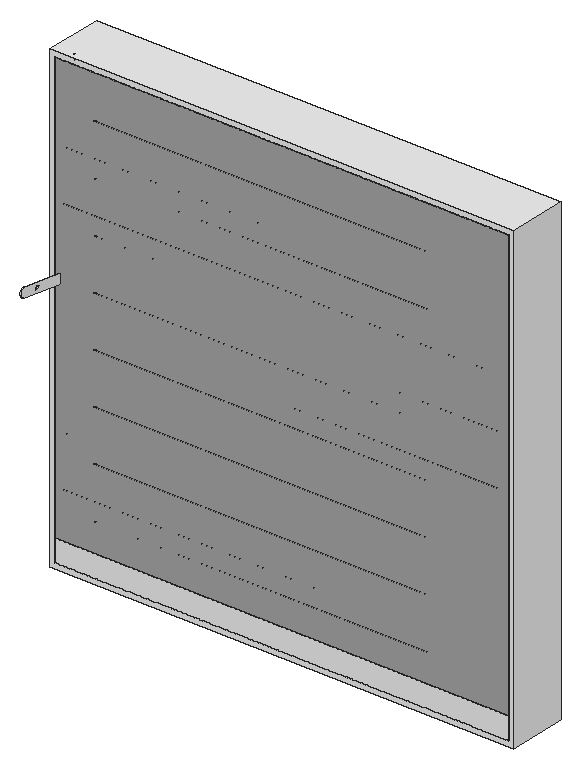
Revit family
Parameters (values of type "Louver_Combo_EXD-645_All-Lite")
  URL = "http://www.alllite-louvers.com"
  Spacing = 0.5 ft
  SmartBIM Object Version = 3  # constant formula
  SmartBIM Object Created By = "Reed Construction Data"  # constant formula
  Shim Thickness = 0.042 ft
  Screen Width = Width - (2 * Shim Thickness)  # 3.916 ft
  Screen Height = Height - (2 * Shim Thickness) - 0.198333 ft  # 3.717667 ft
  Screen = Aluminum
  Rough Width = 0.0 ft
  Rough Height = 0.0 ft
  Product URL = "http://www.alllite-louvers.com/catalog.php?model=EXD-645"
  Pressure Loss (in.wg.) = "0.19"  # constant formula
  OmniClass Title = "Exterior Louvers and Grilles"  # constant formula
  OmniClass Code = "23-60 11 17"  # constant formula
  Mullion Height = Height - (2 * Shim Thickness) - 0.145833 ft  # 3.770167 ft
  Model Number = "EXD-645"  # constant formula
  Minimum Size = "12\" x 12\""
  Maximum Size - Single Section = "48\" x 96\" with low leakage seals, 60\" x 96\"  without low leakage seals. "
  Maximum Size - Multiple Section = "Unlimited"
  Manufacturer = "All-Lite"  # constant formula
  Lover Open = yes
  Louver Width = Width - (2 * Shim Thickness) - 2 * 0.072917 ft + (0.006562 ft * 1.588)  # 3.780587 ft
  Louver = Mill finish, 6063-T5 Extruded Aluminum
  Height = 4.0 ft
  Free Area for 48”x48” Louver = "44.4%"
  Free Area Velocity (fpm) = "1,050"  # constant formula
  Free Area (ft²) for 48"x48" Louver = 7.1 ft
  Frame = Mill finish, 6063-T5 Extruded Aluminum
  Default Sill Height = 3.0 ft
  Wall Closure = (empty or 0)
  Width = 4.0 ft
  Cut Sheet = "http://www.alllite-louvers.com/catalog/AEXD645.pdf"
  Assembly Code = "B2010300"
  Air Volume Delivered (cfm) = "7,455"  # constant formula
  95 CSI = "10200 "  # constant formula
  04 CSI = "08 91 00"  # constant formula
  # of Louvers = (Height - 0.25 ft) / (Spacing)  # 8
Reference planes (ft)
  plane 1 "Center (Front/Back)": y = 0
  plane 2: z = 0.291667
  plane 3 "Center (Left/Right)": x = 0
  plane 4 "Left": x = -2
  plane 5 "Right": x = 2
  plane 6 "Sill": z = 3.291667
  plane 7 "Top": z = 7.291667
  plane 8: x = -1.958
  plane 9: x = 1.958
  plane 10: z = 7.249667
  plane 11: z = 3.333667
  plane 12: z = 5.291667
  plane 13: z = 3.417
  plane 14: z = 3.458667
  plane 15: z = 7.166333
  plane 16: z = 7.124667
  plane 17: z = 7.062167
  plane 18: z = 3.633667
Forms (ft)
  Sweep 1, solid, material "Mill finish, 6063-T5 Extruded Aluminum" <- "Frame"
    path origin (-5, 0.333333, 0) x (-1, 0, 0) y (0, 0, 1)
      loop
        line (-6.890292, 7.249667) -> (-3.109708, 7.249667)
    profile "Head Horizontal Mullion : Head Horizontal Mullion" origin (0, 0.333333, 7.249667) x (0, 0, 1) y (0, 1, 0)
      loop
        line (-0.083333, -0.00675) -> (-0.142259, -0.065676) -> (-0.137486, -0.070449) -> (-0.080537, -0.0135) -> (-0.00675, -0.0135) -> (-0.00675, -0.071625)
        arc (-0.00675, -0.071625) -> (-0.007739, -0.074011) -> (-0.010125, -0.075) r 0.003375
        line (-0.010125, -0.075) -> (-0.027583, -0.075) -> (-0.027583, -0.08175) -> (-0.307684, -0.08175) -> (-0.307684, -0.0135) -> (-0.231101, -0.0135) -> (-0.231101, -0.00675) -> (-0.314434, -0.00675) -> (-0.314434, -0.0885) -> (-0.206564, -0.0885)
        arc (-0.206564, -0.0885) -> (-0.204178, -0.089489) -> (-0.203189, -0.091875) r 0.003375
        line (-0.203189, -0.091875) -> (-0.203189, -0.104254)
        arc (-0.203189, -0.104254) -> (-0.203748, -0.106115) -> (-0.20524, -0.107359) r 0.003375
        arc (-0.20524, -0.107359) -> (-0.213421, -0.117587) -> (-0.209404, -0.130053) r 0.013833
        arc (-0.209404, -0.130053) -> (-0.205743, -0.130726) -> (-0.203689, -0.127621) r 0.003375
        arc (-0.203689, -0.127621) -> (-0.203959, -0.126299) -> (-0.204725, -0.125188) r 0.003375
        arc (-0.204725, -0.125188) -> (-0.199814, -0.113) -> (-0.194904, -0.125188) r 0.007083
        arc (-0.194904, -0.125188) -> (-0.19567, -0.126299) -> (-0.195939, -0.127621) r 0.003375
        arc (-0.195939, -0.127621) -> (-0.193886, -0.130726) -> (-0.190225, -0.130053) r 0.003375
        arc (-0.190225, -0.130053) -> (-0.186208, -0.117587) -> (-0.194388, -0.107359) r 0.013833
        arc (-0.194388, -0.107359) -> (-0.19588, -0.106115) -> (-0.196439, -0.104254) r 0.003375
        line (-0.196439, -0.104254) -> (-0.196439, -0.091875)
        arc (-0.196439, -0.091875) -> (-0.195451, -0.089489) -> (-0.193064, -0.0885) r 0.003375
        line (-0.193064, -0.0885) -> (-0.06925, -0.0885) -> (-0.06925, -0.09525) -> (-0.046442, -0.09525)
        arc (-0.046442, -0.09525) -> (-0.044055, -0.096239) -> (-0.043067, -0.098625) r 0.003375
        line (-0.043067, -0.098625) -> (-0.043067, -0.104254)
        arc (-0.043067, -0.104254) -> (-0.043626, -0.106115) -> (-0.045118, -0.107359) r 0.003375
        arc (-0.045118, -0.107359) -> (-0.053298, -0.117587) -> (-0.049281, -0.130053) r 0.013833
        arc (-0.049281, -0.130053) -> (-0.04562, -0.130726) -> (-0.043567, -0.127621) r 0.003375
        arc (-0.043567, -0.127621) -> (-0.043836, -0.126299) -> (-0.044602, -0.125188) r 0.003375
        arc (-0.044602, -0.125188) -> (-0.039692, -0.113) -> (-0.034781, -0.125188) r 0.007083
        arc (-0.034781, -0.125188) -> (-0.035547, -0.126299) -> (-0.035817, -0.127621) r 0.003375
        arc (-0.035817, -0.127621) -> (-0.033763, -0.130726) -> (-0.030102, -0.130053) r 0.003375
        arc (-0.030102, -0.130053) -> (-0.026085, -0.117587) -> (-0.034266, -0.107359) r 0.013833
        arc (-0.034266, -0.107359) -> (-0.035758, -0.106115) -> (-0.036317, -0.104254) r 0.003375
        line (-0.036317, -0.104254) -> (-0.036317, -0.098625)
        arc (-0.036317, -0.098625) -> (-0.035328, -0.096239) -> (-0.032942, -0.09525) r 0.003375
        line (-0.032942, -0.09525) -> (-0.00675, -0.09525) -> (-0.00675, -0.233215) -> (-0.0135, -0.233215) -> (-0.0135, -0.309712) -> (-0.209733, -0.309712) -> (-0.209733, -0.316548) -> (-0.00675, -0.316548) -> (-0.00675, -0.384167)
        arc (-0.00675, -0.384167) -> (-0.007739, -0.386553) -> (-0.010125, -0.387542) r 0.003375
        line (-0.010125, -0.387542) -> (-0.023858, -0.387542)
        arc (-0.023858, -0.387542) -> (-0.025719, -0.386983) -> (-0.026963, -0.385491) r 0.003375
        arc (-0.026963, -0.385491) -> (-0.037191, -0.37731) -> (-0.049657, -0.381327) r 0.013833
        arc (-0.049657, -0.381327) -> (-0.05033, -0.384988) -> (-0.047225, -0.387042) r 0.003375
        arc (-0.047225, -0.387042) -> (-0.045903, -0.386772) -> (-0.044793, -0.386006) r 0.003375
        arc (-0.044793, -0.386006) -> (-0.032604, -0.390917) -> (-0.044793, -0.395827) r 0.007083
        arc (-0.044793, -0.395827) -> (-0.045903, -0.395061) -> (-0.047225, -0.394792) r 0.003375
        arc (-0.047225, -0.394792) -> (-0.05033, -0.396845) -> (-0.049657, -0.400506) r 0.003375
        arc (-0.049657, -0.400506) -> (-0.037191, -0.404523) -> (-0.026963, -0.396343) r 0.013833
        arc (-0.026963, -0.396343) -> (-0.025719, -0.394851) -> (-0.023858, -0.394292) r 0.003375
        line (-0.023858, -0.394292) -> (-0.010125, -0.394292)
        arc (-0.010125, -0.394292) -> (-0.007739, -0.39528) -> (-0.00675, -0.397667) r 0.003375
        line (-0.00675, -0.397667) -> (-0.00675, -0.49325) -> (-0.0625, -0.49325) -> (-0.0625, -0.5) -> (0, -0.5) -> (0, -0.00675) -> (-0.083333, -0.00675)
  Sweep 2, solid, material "Mill finish, 6063-T5 Extruded Aluminum" <- "Frame"
    path origin (-5, 0.333333, 0) x (-1, 0, 0) y (0, 0, 1)
      loop
        line (-6.958, 3.333667) -> (-3.042, 3.333667)
    profile "Horizontal Mullion : Horizontal Mullion" origin (0, 0.333333, 3.333667) x (0, 0, 1) y (0, 1, 0)
      loop
        line (0.076583, -0.00675) -> (0.076583, -0.5) -> (0.00675, -0.5) -> (0.00675, -0.465083) -> (0, -0.465083) -> (0, -0.50675) -> (0.197917, -0.50675) -> (0.197917, -0.5) -> (0.083333, -0.5) -> (0.083333, 0) -> (0, 0) -> (0, -0.041667) -> (0.00675, -0.041667) -> (0.00675, -0.00675) -> (0.076583, -0.00675)
  Sweep 3, solid, material "Mill finish, 6063-T5 Extruded Aluminum" <- "Frame"
    path origin (-5, 0.333333, 0) x (-1, 0, 0) y (0, 0, 1)
      loop
        line (-6.958, 3.417) -> (-6.958, 7.249667)
    profile "Vertical Mullion : Vertical Mullion" origin (1.958, 0.333333, 5.333333) x (1, 0, 0) y (0, 1, 0)
      loop
        line (-0.067708, -0.08175) -> (-0.067708, -0.49325) -> (-0.052083, -0.49325) -> (-0.052083, -0.5) -> (0, -0.5) -> (0, -0.472417) -> (-0.00675, -0.472417) -> (-0.00675, -0.49325) -> (-0.045333, -0.49325) -> (-0.045333, -0.4865) -> (-0.060958, -0.4865) -> (-0.060958, -0.0885) -> (0, -0.0885) -> (0, 0) -> (-0.083333, 0) -> (-0.083333, -0.00675) -> (-0.067708, -0.00675) -> (-0.067708, -0.022375) -> (-0.060958, -0.022375) -> (-0.060958, -0.00675) -> (-0.00675, -0.00675) -> (-0.00675, -0.08175) -> (-0.067708, -0.08175)
  Sweep 4, solid, material "Mill finish, 6063-T5 Extruded Aluminum" <- "Frame"
    path origin (5, 0.333333, 0) x (1, 0, 0) y (0, 0, -1)
      loop
        line (-6.958, -3.417) -> (-6.958, -7.249667)
    profile "Vertical Mullion : Vertical Mullion" origin (-1.958, 0.333333, 5.333333) x (1, 0, 0) y (0, 1, 0)
      loop
        line (0.067708, -0.08175) -> (0.00675, -0.08175) -> (0.00675, -0.00675) -> (0.060958, -0.00675) -> (0.060958, -0.022375) -> (0.067708, -0.022375) -> (0.067708, -0.00675) -> (0.083333, -0.00675) -> (0.083333, 0) -> (0, 0) -> (0, -0.0885) -> (0.060958, -0.0885) -> (0.060958, -0.4865) -> (0.045333, -0.4865) -> (0.045333, -0.49325) -> (0.00675, -0.49325) -> (0.00675, -0.472417) -> (0, -0.472417) -> (0, -0.5) -> (0.052083, -0.5) -> (0.052083, -0.49325) -> (0.067708, -0.49325) -> (0.067708, -0.08175)
  Sweep 5, solid, material "Mill finish, 6063-T5 Extruded Aluminum" <- "Frame"
    path origin (-5, 0.333333, 0) x (-1, 0, 0) y (0, 0, 1)
      loop
        line (-3, 7.291667) -> (-7, 7.291667) -> (-7, 3.291667) -> (-3, 3.291667) -> (-3, 7.291667)
    profile origin (-2, 0.333333, 5.291667) x (0, 1, 0) y (-1, 0, 0)
      loop
        line (0, 0) -> (-0.50675, 0) -> (-0.50675, -0.042) -> (0, -0.042) -> (0, 0)
  Extrusion 6, solid, material "Aluminum" <- "Screen"
    sketch origin (1.458333, 0, 3.416667) x (0, 0, 1) y (-1, 0, 0)
      loop
        line (0.114917, -0.499667) -> (3.833, -0.499667) -> (3.833, 3.416333) -> (0.114917, 3.416333) -> (0.114917, -0.499667)
    from 0.166667 to 0.173417
  Extrusion 7, solid, material "Mill finish, 6063-T5 Extruded Aluminum" <- "Louver"
    sketch origin (-15, 0.439815, 3.633667) x (0, 1, 0) y (-1, 0, 0)
      loop
        line (-0.290944, -13.092454) -> (-0.290944, -13.082037) -> (-0.359482, -13.082037) -> (-0.359482, -13.092454) -> (-0.290944, -13.092454)
    from 0 to 3.4285
  Extrusion 8, solid, material "Mill finish, 6063-T5 Extruded Aluminum" <- "Louver"
    sketch origin (-1.958, 1.285797, 4) x (0, 1, 0) y (0, 0, 1)
      loop
        line (-1.164599, 1.537781) -> (-1.823058, 1.64207)
        arc (-1.823058, 1.64207) -> (-1.869483, 1.608341) -> (-1.835753, 1.561916) r 0.040577
        line (-1.835753, 1.561916) -> (-1.185923, 1.458993)
        arc (-1.185923, 1.458993) -> (-1.131399, 1.486515) -> (-1.164599, 1.537781) r 0.041047
      loop
        circle (-1.704575, 1.583254) r 0.020833
    from 0.029621 to 0.040037
Cuts and joins
  joined: Sweep 3, Sweep 4
Lines and regions (ft)
  Opening 1
    outline origin (-5, -0.333333, 0) x (1, 0, 0) y (0, 0, 1)
      loop
        line (3, 7.291667) -> (3, 3.291667) -> (7, 3.291667) -> (7, 7.291667) -> (3, 7.291667)
  Masking region 1, detail levels coarse+medium
    outline origin (0, 0, 0) x (1, 0, 0) y (0, 1, 0)
      loop
        line (-2, -0.173417) -> (-1.890292, -0.173417) -> (-1.890292, 0.333333) -> (-2, 0.333333) -> (-2, -0.173417)
      loop
        line (2, 0.333333) -> (1.890292, 0.333333) -> (1.890292, -0.173417) -> (2, -0.173417) -> (2, 0.333333)
  Masking region 2, detail levels fine
    outline origin (0, 0, 0) x (1, 0, 0) y (0, 1, 0)
      loop
        line (-1.95125, -0.139083) -> (-1.958, -0.139083) -> (-1.958, -0.166667) -> (-1.905917, -0.166667) -> (-1.905917, -0.159917) -> (-1.890292, -0.159917) -> (-1.890292, 0.251583) -> (-1.95125, 0.251583) -> (-1.95125, 0.326583) -> (-1.897042, 0.326583) -> (-1.897042, 0.310958) -> (-1.890292, 0.310958) -> (-1.890292, 0.326583) -> (-1.874667, 0.326583) -> (-1.874667, 0.333333) -> (-1.958, 0.333333) -> (-1.958, 0.244833) -> (-1.897042, 0.244833) -> (-1.897042, -0.153167) -> (-1.912667, -0.153167) -> (-1.912667, -0.159917) -> (-1.95125, -0.159917) -> (-1.95125, -0.139083)
      loop
        line (1.874667, 0.326583) -> (1.890292, 0.326583) -> (1.890292, 0.310958) -> (1.897042, 0.310958) -> (1.897042, 0.326583) -> (1.95125, 0.326583) -> (1.95125, 0.251583) -> (1.890292, 0.251583) -> (1.890292, -0.159917) -> (1.905917, -0.159917) -> (1.905917, -0.166667) -> (1.958, -0.166667) -> (1.958, -0.139083) -> (1.95125, -0.139083) -> (1.95125, -0.159917) -> (1.912667, -0.159917) -> (1.912667, -0.153167) -> (1.897042, -0.153167) -> (1.897042, 0.244833) -> (1.958, 0.244833) -> (1.958, 0.333333) -> (1.874667, 0.333333) -> (1.874667, 0.326583)
Text (ft)
  text "EXTERIOR" at (-4.890733, 4.242245, 0), in view "Ref. Level"
  text "INTERIOR" at (-4.890733, -3.147199, 0), in view "Ref. Level"
  text "Exterior" at (0, 3.638026, 10.266337), in view "Left"
  text "Exterior" at (0, 1.524487, 10.420622), in view "Right"
Dimensions and locks (ft)
  equal spacing: plane 4 "Left", plane 3 "Center (Left/Right)", plane 5 "Right"
  "Width": plane 4 "Left" to plane 5 "Right"
  "Height": plane 6 "Sill" to plane 7 "Top"
  "Default Sill Height": plane 2 to plane 6 "Sill"
  "Shim Thickness": plane 4 "Left" to plane 8
  "Shim Thickness": plane 9 to plane 5 "Right"
  "Shim Thickness": plane 10 to plane 7 "Top"
  "Shim Thickness": plane 6 "Sill" to plane 11
  equal spacing: plane 11, plane 12, plane 10
  locked: plane 13 to plane 11 at 0.083333
  locked: plane 14 to plane 13 at 0.041667
  locked: plane 10 to plane 15 at 0.083333
  locked: plane 15 to plane 16 at 0.041667
  locked: plane 10 to plane 17 at 0.1875
  equal spacing: group 1, group 3, group 4, group 5, group 6, group 7, group 8, group 2  (x3)
  locked: plane 18 to plane 13 at 0.216667
  Sweep 5 to Extrusion 8 sketch curve to Extrusion 8 sketch curve = 0.17751 ft locked, 0.740009 ft locked
  locked: Sweep 5 to Extrusion 8 sketch curve at 0.772945
  aligned and locked: plane 7 "Top" to Opening 1 sketch curve
  aligned and locked: plane 6 "Sill" to Opening 1 sketch curve  (x2)
  aligned and locked: plane 5 "Right" to Opening 1 sketch curve
  aligned and locked: plane 4 "Left" to Opening 1 sketch curve
  aligned and locked: plane 10 to Sweep 1 sketch curve
  aligned and locked: Sweep 2 sketch curve to plane 11
  aligned and locked: plane 8 to Sweep 2 sketch curve
  aligned and locked: plane 9 to Sweep 3 sketch curve
  aligned and locked: Sweep 4 sketch curve to plane 8
  aligned and locked: Sweep 5 sketch curve to plane 4 "Left"
  aligned and locked: Sweep 5 sketch curve to plane 7 "Top"
  aligned and locked: Sweep 5 sketch curve to plane 6 "Sill"
  aligned and locked: Sweep 5 sketch curve to plane 5 "Right"
  aligned and locked: Sweep 5 sketch curve to host wall  (x2)
  aligned and locked: plane 8 to Sweep 5 sketch curve
  aligned and locked: plane 3 "Center (Left/Right)" to nested 1
  aligned and locked: plane 10 to Sweep 4 sketch curve
  aligned and locked: profile plane to host wall
  aligned and locked: Sweep 4 sketch curve to Sweep 2
  aligned and locked: Sweep 5 sketch curve to Sweep 2
  aligned and locked: plane 3 "Center (Left/Right)" to nested 2
  aligned and locked: Sweep 2 to Extrusion 6 sketch curve
  aligned and locked: Extrusion 6 sketch curve to Sweep 1
  aligned and locked: Extrusion 6 to Sweep 2
  aligned and locked: Sweep 5 to Extrusion 6
  aligned and locked: plane 14 to nested 1
  aligned and locked: cut or joined group of Sweep 3, Sweep 4 to Sweep 1 sketch curve
  aligned and locked: Sweep 1 sketch curve to cut or joined group of Sweep 3, Sweep 4
  aligned and locked: cut or joined group of Sweep 3, Sweep 4 to Extrusion 6 sketch curve
  aligned and locked: Extrusion 6 sketch curve to cut or joined group of Sweep 3, Sweep 4
  aligned and locked: nested 1 to cut or joined group of Sweep 3, Sweep 4
  aligned and locked: nested 2 to cut or joined group of Sweep 3, Sweep 4
  aligned and locked: nested 3 to Extrusion 7 sketch curve  (x4)
  aligned and locked: Extrusion 7 to plane 18
  aligned and locked: plane 17 to nested 2
  aligned and locked: plane 17 to Extrusion 7
  aligned and locked: Extrusion 8 to nested 2  (x2)
  aligned and locked: Masking region 1 sketch curve to plane 4 "Left"
  aligned and locked: Sweep 5 to Masking region 1 sketch curve
  aligned and locked: Masking region 1 sketch curve to Sweep 5  (x2)
  aligned and locked: Masking region 1 sketch curve to cut or joined group of Sweep 3, Sweep 4  (x2)
  aligned and locked: Masking region 1 sketch curve to plane 5 "Right"
  aligned and locked: Masking region 2 sketch curve to cut or joined group of Sweep 3, Sweep 4  (x34)
  aligned and locked: Sweep 2 to Masking region 2 sketch curve  (x4)
  aligned and locked: Masking region 2 sketch curve to plane 8
  aligned and locked: Masking region 2 sketch curve to Sweep 2  (x3)
  aligned and locked: Sweep 5 to Masking region 2 sketch curve
  aligned and locked: plane 9 to Masking region 2 sketch curve
Automatic sketch dimensions
  Sweep 2 sketch curve to plane 9 = 0.0 ft
  Sweep 3 sketch curve to plane 13 = 0.0 ft
  Sweep 3 sketch curve to plane 10 = 0.0 ft
  Extrusion 8 sketch curve to Extrusion 8 sketch curve = 0.006348 ft  (x2)
  Extrusion 8 sketch curve to Extrusion 8 sketch curve = 0.014903 ft
  Extrusion 8 sketch curve to Extrusion 8 sketch curve = 0.006421 ft
  plane 12 to Extrusion 8 sketch curve = 0.167326 ft
  Extrusion 8 sketch curve to Extrusion 8 sketch curve = 0.038246 ft
  plane 12 to Extrusion 8 sketch curve = 0.270249 ft
  Extrusion 8 sketch curve to Extrusion 8 sketch curve = 0.021338 ft
  Extrusion 8 sketch curve to Extrusion 8 sketch curve = 0.040077 ft
  Masking region 1 sketch curve to host wall = 0.50675 ft
  Masking region 2 sketch curve to Masking region 2 sketch curve = 0.00675 ft
  Masking region 2 sketch curve to plane 9 = 0.0 ft
  radius of Extrusion 8 sketch curve = 0.020833 ft
Nested families (ft)
  nested 1: "Louver Single" at (0, 0.166271, 3.458667), type "Louver"
    with Louver Length 3.780587 ft
  nested 2: "Louver Single" at (0, 0.166271, 6.552444), type "Louver"
    with Louver Length 3.780587 ft
  nested 3: "Louver Single" at (0, 0.166271, 3.900635), type "Louver"
    with Louver Length 3.780587 ft
  nested 4: "Louver Single" at (0, 0.166271, 4.342603), type "Louver"
    with Louver Length 3.780587 ft
  nested 5: "Louver Single" at (0, 0.166271, 4.784571), type "Louver"
    with Louver Length 3.780587 ft
  nested 6: "Louver Single" at (0, 0.166271, 5.226539), type "Louver"
    with Louver Length 3.780587 ft
  nested 7: "Louver Single" at (0, 0.166271, 5.668508), type "Louver"
    with Louver Length 3.780587 ft
  nested 8: "Louver Single" at (0, 0.166271, 6.110476), type "Louver"
    with Louver Length 3.780587 ft
Connectors (ft)
  hvac at (0, -0.173417, 5.390625), driven by "Screen Height", driven by "Screen Width"
    settings: on Extrusion 6, index 1
Definition of nested family "Louver Single"
  Parameters (values of type "Louver")
    Open = yes
    Louver Length = 4.78125 ft
    Louver = none
    Close = not(Open)  # no
    Assembly Code = ""
  Reference planes (ft)
    plane 1 "Center (Front/Back)": y = -0.085938
    plane 2: z = 0
    plane 3 "Center (Left/Right)": x = 0
    plane 4: x = -2.390625
    plane 5: x = 2.390625
    plane 6: y = 0.160312
    plane 7: y = -0.326196
    plane 8: z = 0.509723
    plane 9: x = -2.397461
    plane 10: x = -2.407878
    plane 11: y = -0.059066
    plane 12: y = -0.017399
    plane 13: y = -0.100733
    plane 14: x = -2.418294
    plane 15: x = -2.428711
    plane 16: x = -2.439128
  Forms (ft)
    Extrusion 1, solid, material <- "Louver", visible <- "Open"
      sketch origin (0, 0, 0) x (0, 1, 0) y (0, 0, 1)
        loop
          line (-0.000363, 0.140917) -> (-0.319446, 0.46) -> (-0.319446, 0.506348)
          arc (-0.319446, 0.506348) -> (-0.322821, 0.509723) -> (-0.326196, 0.506348) r 0.003375
          line (-0.326196, 0.506348) -> (-0.326196, 0.457204) -> (-0.180455, 0.311463)
          arc (-0.180455, 0.311463) -> (-0.178134, 0.300265) -> (-0.187487, 0.293686) r 0.010417
          line (-0.187487, 0.293686) -> (-0.194911, 0.26598) -> (-0.190656, 0.261725)
          arc (-0.190656, 0.261725) -> (-0.185311, 0.262489) -> (-0.187541, 0.267407) r 0.003375
          line (-0.187541, 0.267407) -> (-0.182058, 0.287869) -> (-0.162186, 0.293194) -> (-0.147639, 0.278646) -> (-0.152963, 0.258775) -> (-0.173425, 0.253292)
          arc (-0.173425, 0.253292) -> (-0.178343, 0.255521) -> (-0.179107, 0.250176) r 0.003375
          line (-0.179107, 0.250176) -> (-0.174853, 0.245921) -> (-0.147147, 0.253345)
          arc (-0.147147, 0.253345) -> (-0.140567, 0.262698) -> (-0.12937, 0.260377) r 0.010417
          line (-0.12937, 0.260377) -> (-0.007113, 0.138121) -> (-0.007113, 0.076148)
          arc (-0.007113, 0.076148) -> (-0.003738, 0.072773) -> (-0.000363, 0.076148) r 0.003375
          line (-0.000363, 0.076148) -> (-0.000363, 0.140917)
      from -2.390625 to 2.390625
    Extrusion 2, solid, material <- "Louver"
      sketch origin (-2.397461, -15, -0.887328) x (0, 0, -1) y (0, 1, 0)
        loop
          line (-1.228371, 14.931727) -> (-1.201075, 14.822397)
          arc (-1.201075, 14.822397) -> (-1.153766, 14.791395) -> (-1.119141, 14.836121) r 0.041667
          line (-1.119141, 14.836121) -> (-1.128957, 14.948313)
          arc (-1.128957, 14.948313) -> (-1.136949, 14.962964) -> (-1.15313, 14.967048) r 0.020833
          line (-1.15313, 14.967048) -> (-1.211577, 14.957324)
          arc (-1.211577, 14.957324) -> (-1.225577, 14.948202) -> (-1.228371, 14.931727) r 0.020833
        loop
          circle (-1.160649, 14.832489) r 0.031042
        loop
          circle (-1.208109, 14.936724) r 0.010417
      from 0 to -0.010417
    Blend 3, solid, material <- "Louver"
      base sketch origin (-2.418294, -15, -0.887328) x (0, 0, -1) y (0, 1, 0)
        loop
          line (-1.191691, 14.814568) -> (-1.160649, 14.796646) -> (-1.129608, 14.814568) -> (-1.129608, 14.850411) -> (-1.160649, 14.868333) -> (-1.191691, 14.850411) -> (-1.191691, 14.814568)
      top sketch origin (-2.418294, -15, -0.887328) x (0, 0, -1) y (0, 1, 0)
        loop
          line (-1.181274, 14.820582) -> (-1.160649, 14.808674) -> (-1.140024, 14.820582) -> (-1.140024, 14.844397) -> (-1.160649, 14.856305) -> (-1.181274, 14.844397) -> (-1.181274, 14.820582)
      from 0 to -0.010417
    Blend 4, solid, material <- "Louver"
      base sketch origin (-2.428711, -15, -0.887328) x (0, 0, -1) y (0, 1, 0)
        loop
          line (-1.168578, 14.950342) -> (-1.168578, 14.931526) -> (-1.152282, 14.922117) -> (-1.135986, 14.931526) -> (-1.135986, 14.950342) -> (-1.152282, 14.959751) -> (-1.168578, 14.950342)
      top sketch origin (-2.428711, -15, -0.887328) x (0, 0, -1) y (0, 1, 0)
        loop
          line (-1.163369, 14.947335) -> (-1.163369, 14.934533) -> (-1.152282, 14.928131) -> (-1.141195, 14.934533) -> (-1.141195, 14.947335) -> (-1.152282, 14.953736) -> (-1.163369, 14.947335)
      from 0 to -0.010417
    Extrusion 5, solid, material <- "Louver"
      sketch origin (-2.407878, -15, -0.887328) x (0, 0, -1) y (0, 1, 0)
        loop
          line (-1.191691, 14.850411) -> (-1.191691, 14.814568) -> (-1.160649, 14.796646) -> (-1.129608, 14.814568) -> (-1.129608, 14.850411) -> (-1.160649, 14.868333) -> (-1.191691, 14.850411)
      from 0 to -0.010417
    Extrusion 6, solid, material <- "Louver"
      sketch origin (0, 0, 0) x (0, 1, 0) y (0, 0, 1)
        loop
          arc (0.149453, 0.001395) -> (0.156548, 0.000696) -> (0.160312, 0.00675) r 0.00675
          line (0.160312, 0.00675) -> (0.160312, 0.063458)
          arc (0.160312, 0.063458) -> (0.151925, 0.067668) -> (0.153562, 0.058427) r 0.00525
          line (0.153562, 0.058427) -> (0.153562, 0.010806)
          arc (0.153562, 0.010806) -> (0.152447, 0.009012) -> (0.150345, 0.009219) r 0.002
          line (0.150345, 0.009219) -> (0.088733, 0.056496)
          arc (0.088733, 0.056496) -> (0.087748, 0.057695) -> (0.087396, 0.059206) r 0.003417
          line (0.087396, 0.059206) -> (0.087396, 0.076588)
          arc (0.087396, 0.076588) -> (0.087046, 0.078075) -> (0.086069, 0.07925) r 0.003333
          line (0.086069, 0.07925) -> (0.004822, 0.140474)
          arc (0.004822, 0.140474) -> (0.003425, 0.140602) -> (0.002686, 0.139409) r 0.001333
          line (0.002686, 0.139409) -> (0.002686, 0.091917)
          arc (0.002686, 0.091917) -> (0.006061, 0.088542) -> (0.009436, 0.091917) r 0.003375
          line (0.009436, 0.091917) -> (0.009436, 0.097574)
          arc (0.009436, 0.097574) -> (0.010484, 0.100018) -> (0.012978, 0.100944) r 0.003375
          arc (0.012978, 0.100944) -> (0.01646, 0.103685) -> (0.014226, 0.107512) r 0.003375
          arc (0.014226, 0.107512) -> (0.01294, 0.120348) -> (0.023449, 0.112866) r 0.007083
          arc (0.023449, 0.112866) -> (0.025215, 0.10922) -> (0.029209, 0.109897) r 0.003375
          arc (0.029209, 0.109897) -> (0.031378, 0.110937) -> (0.033689, 0.110269) r 0.003375
          line (0.033689, 0.110269) -> (0.042487, 0.103639)
          arc (0.042487, 0.103639) -> (0.04383, 0.101043) -> (0.042642, 0.098372) r 0.003375
          arc (0.042642, 0.098372) -> (0.038847, 0.093186) -> (0.037805, 0.086844) r 0.013833
          arc (0.037805, 0.086844) -> (0.041412, 0.083719) -> (0.044538, 0.087327) r 0.003375
          arc (0.044538, 0.087327) -> (0.055873, 0.093485) -> (0.053046, 0.080899) r 0.007083
          arc (0.053046, 0.080899) -> (0.050429, 0.076907) -> (0.054421, 0.07429) r 0.003375
          arc (0.054421, 0.07429) -> (0.06025, 0.077036) -> (0.064203, 0.082125) r 0.013833
          arc (0.064203, 0.082125) -> (0.066443, 0.084002) -> (0.069309, 0.083428) r 0.003375
          line (0.069309, 0.083428) -> (0.079302, 0.075897)
          arc (0.079302, 0.075897) -> (0.080291, 0.074708) -> (0.080646, 0.073202) r 0.003375
          line (0.080646, 0.073202) -> (0.080646, 0.059206)
          arc (0.080646, 0.059206) -> (0.081694, 0.05471) -> (0.084623, 0.051141) r 0.010167
          line (0.084623, 0.051141) -> (0.149453, 0.001395)
      from -2.390625 to 2.390625
    Extrusion 7, solid, material <- "Louver", visible <- "Close"
      sketch origin (0, -0.190063, -0.045671) x (0, 0.809017, -0.587785) y (0, 0.587785, 0.809017)
        loop
          line (-0.000363, 0.140917) -> (-0.319446, 0.46) -> (-0.319446, 0.506348)
          arc (-0.319446, 0.506348) -> (-0.322821, 0.509723) -> (-0.326196, 0.506348) r 0.003375
          line (-0.326196, 0.506348) -> (-0.326196, 0.457204) -> (-0.180455, 0.311463)
          arc (-0.180455, 0.311463) -> (-0.178134, 0.300265) -> (-0.187487, 0.293686) r 0.010417
          line (-0.187487, 0.293686) -> (-0.194911, 0.26598) -> (-0.190656, 0.261725)
          arc (-0.190656, 0.261725) -> (-0.185311, 0.262489) -> (-0.187541, 0.267407) r 0.003375
          line (-0.187541, 0.267407) -> (-0.182058, 0.287869) -> (-0.162186, 0.293194) -> (-0.147639, 0.278646) -> (-0.152963, 0.258775) -> (-0.173425, 0.253292)
          arc (-0.173425, 0.253292) -> (-0.178343, 0.255521) -> (-0.179107, 0.250176) r 0.003375
          line (-0.179107, 0.250176) -> (-0.174853, 0.245921) -> (-0.147147, 0.253345)
          arc (-0.147147, 0.253345) -> (-0.140567, 0.262698) -> (-0.12937, 0.260377) r 0.010417
          line (-0.12937, 0.260377) -> (-0.007113, 0.138121) -> (-0.007113, 0.076148)
          arc (-0.007113, 0.076148) -> (-0.003738, 0.072773) -> (-0.000363, 0.076148) r 0.003375
          line (-0.000363, 0.076148) -> (-0.000363, 0.140917)
      from -2.390627 to 2.390627
  Dimensions and locks (ft)
    equal spacing: plane 4, plane 3 "Center (Left/Right)", plane 5
    "Louver Length": plane 4 to plane 5
    locked: plane 9 to plane 4 at 0.006836
    locked: plane 10 to plane 9 at 0.010417
    plane 15 to plane 14 to plane 9 = 0.010417 ft locked, 0.020833 ft locked
    locked: plane 16 to plane 15 at 0.010417
    aligned and locked: plane 5 to Extrusion 1
    aligned and locked: Extrusion 1 to plane 4
    aligned and locked: plane 9 to Extrusion 2
    aligned and locked: Extrusion 2 to plane 10
    aligned and locked: plane 10 to Extrusion 5
    aligned and locked: Extrusion 5 to plane 14
    aligned and locked: plane 14 to Blend 3
    aligned and locked: Blend 3 to plane 15
    aligned and locked: plane 5 to Extrusion 6
    aligned and locked: Extrusion 6 to plane 4
    aligned and locked: Blend 4 to plane 16
    aligned and locked: Blend 3 to Blend 4
  Automatic sketch dimensions
    Extrusion 1 sketch curve to plane 7 = 0.0 ft
    Extrusion 1 sketch curve to Extrusion 1 sketch curve = 0.003375 ft  (x2)
    plane 13 to Extrusion 1 sketch curve = 0.094178 ft
    Extrusion 1 sketch curve to Extrusion 1 sketch curve = 0.004255 ft  (x4)
    Extrusion 1 sketch curve to Extrusion 1 sketch curve = 0.002386 ft  (x4)
    Extrusion 1 sketch curve to Extrusion 1 sketch curve = 0.00709 ft
    Extrusion 1 sketch curve to Extrusion 1 sketch curve = 0.000729 ft
    Extrusion 1 sketch curve to Extrusion 1 sketch curve = 0.000333 ft  (x2)
    Extrusion 1 sketch curve to Extrusion 1 sketch curve = 0.00543 ft  (x2)
    Extrusion 1 sketch curve to Extrusion 1 sketch curve = 0.007366 ft  (x2)
    Extrusion 1 sketch curve to Extrusion 1 sketch curve = 0.011549 ft  (x2)
    Extrusion 1 sketch curve to Extrusion 1 sketch curve = 0.003295 ft
    Extrusion 1 sketch curve to Extrusion 1 sketch curve = 0.019872 ft  (x2)
    Extrusion 1 sketch curve to Extrusion 1 sketch curve = 0.020462 ft  (x2)
    Extrusion 1 sketch curve to Extrusion 1 sketch curve = 0.014547 ft  (x2)
    Extrusion 1 sketch curve to Extrusion 1 sketch curve = 0.005817 ft  (x2)
    Extrusion 1 sketch curve to Extrusion 1 sketch curve = 0.010411 ft  (x2)
    plane 12 to Extrusion 1 sketch curve = 0.010286 ft
    level to Extrusion 1 sketch curve = 0.076148 ft
    Extrusion 1 sketch curve to Extrusion 1 sketch curve = 0.061973 ft
    Extrusion 1 sketch curve to Extrusion 1 sketch curve = 0.002796 ft  (x2)
    Extrusion 1 sketch curve to Extrusion 1 sketch curve = 0.1078 ft
    Extrusion 1 sketch curve to Extrusion 1 sketch curve = 0.00028 ft
    Extrusion 1 sketch curve to plane 8 = 0.052519 ft
    Extrusion 1 sketch curve to plane 8 = 0.003375 ft
    Extrusion 2 sketch curve to Extrusion 2 sketch curve = 0.0 ft  (x2)
    plane 11 to Extrusion 2 sketch curve = 0.009207 ft
    plane 8 to Extrusion 2 sketch curve = 0.16868 ft
    Extrusion 2 sketch curve to plane 11 = 0.01639 ft
    Extrusion 2 sketch curve to Extrusion 2 sketch curve = 0.016794 ft
    plane 11 to Extrusion 2 sketch curve = 0.004161 ft
    Extrusion 2 sketch curve to Extrusion 2 sketch curve = 0.000048 ft
    Extrusion 2 sketch curve to Extrusion 2 sketch curve = 0.027295 ft
    Extrusion 2 sketch curve to Extrusion 2 sketch curve = 0.040426 ft
    plane 12 to Extrusion 2 sketch curve = 0.015553 ft
    Extrusion 2 sketch curve to Extrusion 2 sketch curve = 0.058447 ft
    Extrusion 2 sketch curve to plane 11 = 0.005563 ft
    Extrusion 2 sketch curve to Extrusion 2 sketch curve = 0.003419 ft
    Extrusion 2 sketch curve to plane 11 = 0.007379 ft
    Extrusion 2 sketch curve to Extrusion 2 sketch curve = 0.041508 ft
    Extrusion 2 sketch curve to Extrusion 2 sketch curve = 0.000049 ft
    Extrusion 2 sketch curve to plane 13 = 0.063146 ft
    Extrusion 2 sketch curve to Extrusion 2 sketch curve = 0.003631 ft
    Blend 3 sketch curve to plane 13 = 0.0847 ft  (x2)
    plane 8 to Blend 3 sketch curve = 0.205359 ft
    Blend 3 sketch curve to plane 13 = 0.102622 ft
    Blend 3 sketch curve to Blend 3 sketch curve = 0.031042 ft  (x3)
    Blend 3 sketch curve to plane 13 = 0.030934 ft
    Blend 3 sketch curve to Blend 3 sketch curve = 0.017922 ft
    Blend 3 sketch curve to Blend 3 sketch curve = 0.035844 ft
    Blend 3 sketch curve to plane 13 = 0.078686 ft  (x2)
    plane 8 to Blend 3 sketch curve = 0.215776 ft
    Blend 3 sketch curve to plane 13 = 0.090594 ft
    Blend 3 sketch curve to Blend 3 sketch curve = 0.020625 ft  (x3)
    Blend 3 sketch curve to plane 13 = 0.042962 ft
    Blend 3 sketch curve to Blend 3 sketch curve = 0.011908 ft  (x2)
    Extrusion 5 sketch curve to plane 13 = 0.048856 ft  (x2)
    plane 8 to Extrusion 5 sketch curve = 0.205359 ft
    Extrusion 5 sketch curve to plane 13 = 0.030934 ft
    Extrusion 5 sketch curve to Extrusion 5 sketch curve = 0.031042 ft  (x3)
    Extrusion 5 sketch curve to plane 13 = 0.102622 ft
    Extrusion 5 sketch curve to Extrusion 5 sketch curve = 0.017922 ft  (x2)
    Extrusion 6 sketch curve to Extrusion 6 sketch curve = 0.0 ft  (x19)
    Extrusion 6 sketch curve to plane 6 = 0.0 ft
    Extrusion 6 sketch curve to Extrusion 6 sketch curve = 0.00525 ft
    Extrusion 6 sketch curve to Extrusion 6 sketch curve = 0.0015 ft
    Extrusion 6 sketch curve to Extrusion 6 sketch curve = 0.002 ft
    Extrusion 6 sketch curve to Extrusion 6 sketch curve = 0.001218 ft
    level to Extrusion 6 sketch curve = 0.001395 ft
    Extrusion 6 sketch curve to Extrusion 6 sketch curve = 0.004109 ft  (x2)
    Extrusion 6 sketch curve to Extrusion 6 sketch curve = 0.06275 ft
    Extrusion 6 sketch curve to Extrusion 6 sketch curve = 0.00208 ft
    Extrusion 6 sketch curve to Extrusion 6 sketch curve = 0.003417 ft
    Extrusion 6 sketch curve to Extrusion 6 sketch curve = 0.001327 ft
    Extrusion 6 sketch curve to Extrusion 6 sketch curve = 0.003333 ft
    Extrusion 6 sketch curve to Extrusion 6 sketch curve = 0.00675 ft
    Extrusion 6 sketch curve to Extrusion 6 sketch curve = 0.001344 ft
    Extrusion 6 sketch curve to Extrusion 6 sketch curve = 0.003375 ft  (x3)
    Extrusion 6 sketch curve to Extrusion 6 sketch curve = 0.009993 ft
    Extrusion 6 sketch curve to Extrusion 6 sketch curve = 0.002031 ft  (x2)
    Extrusion 6 sketch curve to Extrusion 6 sketch curve = 0.003074 ft
    Extrusion 6 sketch curve to Extrusion 6 sketch curve = 0.009782 ft
    Extrusion 6 sketch curve to Extrusion 6 sketch curve = 0.000688 ft
    Extrusion 6 sketch curve to Extrusion 6 sketch curve = 0.001443 ft
    Extrusion 6 sketch curve to Extrusion 6 sketch curve = 0.007065 ft
    Extrusion 6 sketch curve to Extrusion 6 sketch curve = 0.001895 ft
    Extrusion 6 sketch curve to Extrusion 6 sketch curve = 0.000155 ft
    Extrusion 6 sketch curve to Extrusion 6 sketch curve = 0.003366 ft
    Extrusion 6 sketch curve to Extrusion 6 sketch curve = 0.002186 ft
    Extrusion 6 sketch curve to Extrusion 6 sketch curve = 0.008799 ft
    Extrusion 6 sketch curve to Extrusion 6 sketch curve = 0.002448 ft  (x2)
    Extrusion 6 sketch curve to Extrusion 6 sketch curve = 0.003313 ft
    Extrusion 6 sketch curve to Extrusion 6 sketch curve = 0.006952 ft
    Extrusion 6 sketch curve to Extrusion 6 sketch curve = 0.00227 ft
    Extrusion 6 sketch curve to Extrusion 6 sketch curve = 0.001082 ft
    Extrusion 6 sketch curve to Extrusion 6 sketch curve = 0.000167 ft  (x2)
    Extrusion 6 sketch curve to Extrusion 6 sketch curve = 0.002136 ft
    Extrusion 6 sketch curve to Extrusion 6 sketch curve = 0.000802 ft
    Extrusion 6 sketch curve to Extrusion 6 sketch curve = 0.002469 ft
    level to Extrusion 6 sketch curve = 0.051141 ft
    Extrusion 6 sketch curve to Extrusion 6 sketch curve = 0.047622 ft
    Extrusion 6 sketch curve to Extrusion 6 sketch curve = 0.013995 ft
    Extrusion 6 sketch curve to Extrusion 6 sketch curve = 0.001088 ft
    Extrusion 6 sketch curve to Extrusion 6 sketch curve = 0.003386 ft
    Extrusion 6 sketch curve to Extrusion 6 sketch curve = 0.003304 ft
    Extrusion 6 sketch curve to Extrusion 6 sketch curve = 0.005072 ft
    Extrusion 6 sketch curve to Extrusion 6 sketch curve = 0.005657 ft
    Extrusion 6 sketch curve to Extrusion 6 sketch curve = 0.025187 ft
    plane 8 to Extrusion 7 sketch curve = 0.045983 ft
    plane 13 to Extrusion 7 sketch curve = 0.055605 ft
    Extrusion 7 sketch curve to Extrusion 7 sketch curve = 0.003375 ft  (x2)
    Extrusion 7 sketch curve to Extrusion 7 sketch curve = 0.124535 ft
    Extrusion 7 sketch curve to Extrusion 7 sketch curve = 0.004255 ft  (x3)
    Extrusion 7 sketch curve to Extrusion 7 sketch curve = 0.002386 ft  (x2)
    Extrusion 7 sketch curve to Extrusion 7 sketch curve = 0.00709 ft
    Extrusion 7 sketch curve to Extrusion 7 sketch curve = 0.000729 ft  (x2)
    Extrusion 7 sketch curve to Extrusion 7 sketch curve = 0.000333 ft
    Extrusion 7 sketch curve to Extrusion 7 sketch curve = 0.00543 ft  (x2)
    Extrusion 7 sketch curve to Extrusion 7 sketch curve = 0.007366 ft  (x3)
    Extrusion 7 sketch curve to Extrusion 7 sketch curve = 0.011549 ft
    Extrusion 7 sketch curve to Extrusion 7 sketch curve = 0.003295 ft  (x2)
    Extrusion 7 sketch curve to Extrusion 7 sketch curve = 0.019872 ft  (x2)
    Extrusion 7 sketch curve to Extrusion 7 sketch curve = 0.020462 ft  (x2)
    Extrusion 7 sketch curve to Extrusion 7 sketch curve = 0.014547 ft  (x2)
    Extrusion 7 sketch curve to Extrusion 7 sketch curve = 0.005817 ft  (x2)
    Extrusion 7 sketch curve to Extrusion 7 sketch curve = 0.010411 ft
    Extrusion 7 sketch curve to Extrusion 7 sketch curve = 0.122257 ft
    Extrusion 7 sketch curve to Extrusion 7 sketch curve = 0.046348 ft
    Extrusion 7 sketch curve to Extrusion 7 sketch curve = 0.002796 ft  (x2)
    Extrusion 7 sketch curve to Extrusion 7 sketch curve = 0.148537 ft
    Extrusion 7 sketch curve to Extrusion 7 sketch curve = 0.000492 ft
    Extrusion 7 sketch curve to Extrusion 7 sketch curve = 0.001427 ft
    Extrusion 7 sketch curve to Extrusion 7 sketch curve = 0.018269 ft
    Extrusion 7 sketch curve to Extrusion 7 sketch curve = 0.01082 ft
    Extrusion 7 sketch curve to Extrusion 7 sketch curve = 0.119461 ft
    Extrusion 7 sketch curve to Extrusion 7 sketch curve = 0.061973 ft
    Blend 4 sketch curve to plane 11 = 0.009408 ft  (x2)
    plane 8 to Blend 4 sketch curve = 0.228473 ft
    Blend 4 sketch curve to plane 11 = 0.018817 ft
    Blend 4 sketch curve to Blend 4 sketch curve = 0.016296 ft  (x3)
    plane 1 "Center (Front/Back)" to Blend 4 sketch curve = 0.008055 ft
    plane 11 to Blend 4 sketch curve = 0.009408 ft  (x2)
    Blend 4 sketch curve to plane 11 = 0.006401 ft  (x2)
    plane 8 to Blend 4 sketch curve = 0.233681 ft
    Blend 4 sketch curve to plane 11 = 0.012803 ft
    Blend 4 sketch curve to Blend 4 sketch curve = 0.011087 ft  (x3)
    plane 11 to Blend 4 sketch curve = 0.012803 ft
    plane 11 to Blend 4 sketch curve = 0.006401 ft  (x2)
    radius of Extrusion 2 sketch curve = 0.031042 ft
    radius of Extrusion 2 sketch curve = 0.010417 ft
